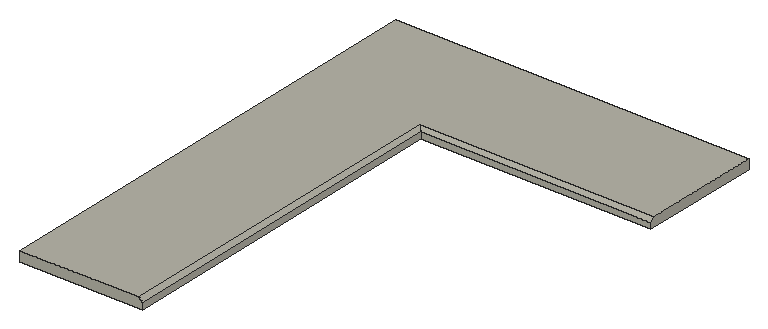
Revit family
Parameters (values of type "Counter_Only")
  Width = 6' - 0"
  Warranty Duration (Years) = 10
  Test Data = ""
  Surface Thickness = 0' - 2"
  Surface Area = (Width * Depth B) + (Length * Depth A) - (Depth A * Depth B)  # 24.8264 SF
  Sqft Cost = 85
  Specification = "http://www.arcat.com/divs/sec/sec06415.shtml"
  Sidesplash - R [instance] = no
  Sidesplash - L [instance] = no
  Sales Information = ""
  Product Properties = "http://www.arcat.com/bim/bim_info.pl?fn=Countertop_L-Shaped-noSink"
  Product Data = "http://www.arcat.com/divs/sec/sec06415.shtml"
  Model = "Generic"  # constant formula
  Manufacturer Website = "http://www.arcat.com/"
  Manufacturer Phone - Toll Free = ""
  Manufacturer Phone = "(203) 929-9444"  # constant formula
  Manufacturer Fax = "(203) 939-2444"  # constant formula
  Manufacturer Email = "bim@arcat.com"  # constant formula
  Manufacturer Address = "1077 Bridgeport Ave, Shelton, CT  06484"  # constant formula
  Manufacturer = "Generic"  # constant formula
  Maintenance Schedule (Months) = 12
  Length = 8' - 0"
  Keynote = "06415"
  Installation_Fabricaton = ""
  Installation Phase = ""
  Finish Surface Height [instance] = 3' - 0"
  Green Building-LEED = "http://www.arcat.com/green/green_building.shtml"
  Expected Lifespan (Years) = 30
  Edge Type = Bevel : 1/2"
  Edge Length = (Width - Depth A) + (Length - Depth B)  # 9' - 10"
  Edge Cost_per Inch = 2.5
  Drawn By = "Robert S. Weygant. CSI, CDT, SCIP"  # constant formula
  Description = "L Shaped Countertop"  # constant formula
  Depth B = 2' - 1"
  Depth A = 2' - 1"
  Countertop Material = Counter Material - Granite
  Countertop Color = Counter Finish - Custom Color
  Cost = (Sqft Cost * Surface Area / 1.00 SF) + (Edge Cost_per Inch * Edge Length / 0' 1")  # 2405.2431
  Copyright = "2008, ARCAT, Inc."  # constant formula
  Construction Details = "http://www.arcat.com/divs/sec/sec06415.shtml"
  Building Codes = ""
  Backsplash Height = 0' - 4"
  Backsplash = no
  Assembly Code = "C1030400"
Types (3): name | Sidesplash - R | Sidesplash - L | Edge Type | Backsplash
  Counter_Only | no | no | Bevel : 1/2" | no
  Counter_w_Back | no | no | Bevel : 1/2" | yes
  Counter_w_Back-Sides | yes | yes | Roundover : 3/4" | yes
Reference planes (in)
  plane 1 "Center (Front/Back)": y = 0
  plane 2: z = 0
  plane 3 "Center (Left/Right)": x = 0
  plane 4: x = -36
  plane 5: x = 36
  plane 6: y = -48
  plane 7: y = 48
  plane 8 "Surface Height": z = 36
  plane 9: y = 0
  plane 10: x = -36
  plane 11: z = 34
Forms (in)
  Extrusion 1, solid, material "Counter Finish - Custom Color" <- "Countertop Color"
    sketch origin (0, 0, 0) x (1, 0, 0) y (0, 1, 0)
      loop
        line (-36, -48) -> (-11, -48) -> (-11, 23) -> (36, 23) -> (36, 48) -> (-36, 48) -> (-36, -48)
    from 34 to 36
  Extrusion 2, solid, not visible
    sketch origin (-23.60937, 0, 29) x (1, 0, 0) y (0, 1, 0)
      loop
        arc (-6.25, 8) -> (-7.48744, 7.48744) -> (-8, 6.25) r 1.75
        line (-8, 6.25) -> (-8, -6.25)
        arc (-8, -6.25) -> (-7.48744, -7.48744) -> (-6.25, -8) r 1.75
        line (-6.25, -8) -> (6.25, -8)
        arc (6.25, -8) -> (7.48744, -7.48744) -> (8, -6.25) r 1.75
        line (8, -6.25) -> (8, 6.25)
        arc (8, 6.25) -> (7.48744, 7.48744) -> (6.25, 8) r 1.75
        line (6.25, 8) -> (-6.25, 8)
      loop
        arc (-6.25, 7.5) -> (-7.13388, 7.13388) -> (-7.5, 6.25) r 1.25
        line (-7.5, 6.25) -> (-7.5, -6.25)
        arc (-7.5, -6.25) -> (-7.13388, -7.13388) -> (-6.25, -7.5) r 1.25
        line (-6.25, -7.5) -> (6.25, -7.5)
        arc (6.25, -7.5) -> (7.13388, -7.13388) -> (7.5, -6.25) r 1.25
        line (7.5, -6.25) -> (7.5, 6.25)
        arc (7.5, 6.25) -> (7.13388, 7.13388) -> (6.25, 7.5) r 1.25
        line (6.25, 7.5) -> (-6.25, 7.5)
    from 0 to 7
  Extrusion 3, solid, not visible
    sketch origin (-23.60937, 0, 36) x (1, 0, 0) y (0, 1, 0)
      loop
        arc (-9.5, 10) -> (-9.85355, 9.85355) -> (-10, 9.5) r 0.5
        line (-10, 9.5) -> (-10, -9.5)
        arc (-10, -9.5) -> (-9.85355, -9.85355) -> (-9.5, -10) r 0.5
        line (-9.5, -10) -> (9.5, -10)
        arc (9.5, -10) -> (9.85355, -9.85355) -> (10, -9.5) r 0.5
        line (10, -9.5) -> (10, 9.5)
        arc (10, 9.5) -> (9.85355, 9.85355) -> (9.5, 10) r 0.5
        line (9.5, 10) -> (-9.5, 10)
      loop
        line (-7.5, 6.25) -> (-7.5, -6.25)
        arc (-7.5, -6.25) -> (-7.13388, -7.13388) -> (-6.25, -7.5) r 1.25
        line (-6.25, -7.5) -> (6.25, -7.5)
        arc (6.25, -7.5) -> (7.13388, -7.13388) -> (7.5, -6.25) r 1.25
        line (7.5, -6.25) -> (7.5, 6.25)
        arc (7.5, 6.25) -> (7.13388, 7.13388) -> (6.25, 7.5) r 1.25
        line (6.25, 7.5) -> (-6.25, 7.5)
        arc (-6.25, 7.5) -> (-7.13388, 7.13388) -> (-7.5, 6.25) r 1.25
    from 0 to 0.25
  Extrusion 4, solid, material "Counter Finish - Custom Color" <- "Countertop Color", visible <- "Backsplash"
    sketch origin (0, 0, 0) x (1, 0, 0) y (0, 0, 1)
      loop
        line (-36, 34) -> (-35.25, 34) -> (-35.25, 39.42212)
        arc (-35.25, 39.42212) -> (-35.41926, 39.83074) -> (-35.82788, 40) r 0.57788
        line (-35.82788, 40) -> (-36, 40) -> (-36, 34)
    from -48 to 48
  Extrusion 5, solid, material "Counter Finish - Custom Color" <- "Countertop Color", visible <- "Backsplash"
    sketch origin (12, 12, 0) x (0, -1, 0) y (0, 0, 1)
      loop
        line (-36, 36) -> (-35.25, 36) -> (-35.25, 39.42212)
        arc (-35.25, 39.42212) -> (-35.41926, 39.83074) -> (-35.82788, 40) r 0.57788
        line (-35.82788, 40) -> (-36, 40) -> (-36, 36)
    from -24 to 48
  Sweep 6, solid, material "Counter Finish - Custom Color" <- "Countertop Color", visible <- "Sidesplash - L"
    path in 3D
      loop
        line (-36, -48, 36) -> (-11, -48, 36)
    profile origin (-23.5, -48, 36) x (0, 1, 0) y (0, 0, 1)
      loop
        line (0, -2) -> (0.75, -2) -> (0.75, 3.42212)
        arc (0.75, 3.42212) -> (0.58074, 3.83074) -> (0.17212, 4) r 0.57788
        line (0.17212, 4) -> (0, 4) -> (0, -2)
  Sweep 7, solid, material "Counter Finish - Custom Color" <- "Countertop Color", visible <- "Sidesplash - R"
    path in 3D
      loop
        line (36, 23, 36) -> (36, 48, 36)
    profile origin (36, 35.5, 36) x (-1, 0, 0) y (0, 0, 1)
      loop
        line (0, -2) -> (0.75, -2) -> (0.75, 3.42212)
        arc (0.75, 3.42212) -> (0.58074, 3.83074) -> (0.17212, 4) r 0.57788
        line (0.17212, 4) -> (0, 4) -> (0, -2)
  Sweep 8, void
    path in 3D
      loop
        line (-11, -48, 36) -> (-11, 23, 36) -> (36, 23, 36)
    profile "Bevel : 3/4"" origin (-11, -12.5, 36) x (-1, 0, 0) y (0, 0, 1)
      loop
        line (0, -0.75) -> (0.75, 0) -> (0, 0) -> (0, -0.75)
Cuts and joins
  Sweep 8 cuts Extrusion 1
Lines and regions (in)
  sketch lines
    curve 1: line (-36, -48, 36) -> (-11, -48, 36)
    curve 2: line (36, 23, 36) -> (36, 48, 36)
    curve 3: line (-11, -48, 36) -> (-11, 23, 36)
    curve 4: line (-11, 23, 36) -> (36, 23, 36)
Dimensions and locks (in)
  "Width": plane 4 to plane 5
  "Length": plane 7 to plane 6
  equal spacing: plane 4, plane 3 "Center (Left/Right)", plane 5
  equal spacing: plane 7, plane 1 "Center (Front/Back)", plane 6
  "Depth A": plane 4 to Extrusion 1
  "Depth B": plane 7 to Extrusion 1
  "Backsplash Height": Extrusion 5 sketch curve to Extrusion 5 sketch curve
  "Finish Surface Height": plane 8 "Surface Height" to level
  "Surface Thickness": plane 8 "Surface Height" to plane 11
  "Backsplash Height": Extrusion 4 sketch curve to cut or joined group of Extrusion 1, Sweep 8
  "Backsplash Height": Sweep 6 sketch curve to cut or joined group of Extrusion 1, Sweep 8
  "Backsplash Height": Sweep 7 sketch curve to cut or joined group of Extrusion 1, Sweep 8
  aligned and locked: plane 4 to Extrusion 4
  aligned and locked: plane 7 to Extrusion 5
  aligned and locked: plane 5 to Extrusion 5
  aligned and locked: plane 4 to Extrusion 5
  aligned and locked: plane 7 to Extrusion 4
  aligned and locked: Extrusion 4 to plane 6
  aligned and locked: plane 8 "Surface Height" to Extrusion 1
  aligned and locked: plane 11 to cut or joined group of Extrusion 1, Sweep 8
  aligned and locked: Extrusion 4 sketch curve to cut or joined group of Extrusion 1, Sweep 8
  aligned and locked: Sweep 6 sketch curve to cut or joined group of Extrusion 1, Sweep 8
  aligned and locked: Sweep 7 sketch curve to cut or joined group of Extrusion 1, Sweep 8
Automatic sketch dimensions
  Extrusion 2 sketch curve to Extrusion 2 sketch curve = 0' - 0"  (x15)
  Extrusion 2 sketch curve to Extrusion 2 sketch curve = 0' - 0 1/2"
  Extrusion 2 sketch curve to Extrusion 2 sketch curve = 0' - 1 1/4"  (x3)
  Extrusion 2 sketch curve to Extrusion 2 sketch curve = 1' - 0 1/2"  (x3)
  Extrusion 3 sketch curve to Extrusion 3 sketch curve = 0' - 0 1/2"  (x3)
  Extrusion 3 sketch curve to Extrusion 3 sketch curve = 0' - 2"
  Extrusion 3 sketch curve to Extrusion 3 sketch curve = 0' - 1 1/4"  (x3)
  Extrusion 3 sketch curve to Extrusion 3 sketch curve = 1' - 0 1/2"  (x3)
  Extrusion 3 sketch curve to Extrusion 3 sketch curve = 0' - 3 1/4"  (x4)
  Extrusion 1 sketch curve to plane 4 = 0' - 0"
  Extrusion 1 sketch curve to plane 6 = 0' - 0"
  Extrusion 1 sketch curve to plane 5 = 0' - 0"
  Extrusion 1 sketch curve to plane 7 = 0' - 0"
  Extrusion 4 sketch curve to plane 4 = 0' - 0"
  Extrusion 4 sketch curve to Extrusion 4 sketch curve = 0' - 0.17212"
  Extrusion 4 sketch curve to Extrusion 4 sketch curve = 0' - 0.57788"
  Extrusion 5 sketch curve to plane 7 = 0' - 0"
  Extrusion 5 sketch curve to plane 8 "Surface Height" = 0' - 0"
  Extrusion 5 sketch curve to Extrusion 5 sketch curve = 0' - 0.17212"
  Extrusion 5 sketch curve to Extrusion 5 sketch curve = 0' - 0.57788"
  Sweep 6 sketch curve to profile plane = 0' - 0"
  Sweep 6 sketch curve to profile plane = 0' - 0.17212"
  Sweep 6 sketch curve to Sweep 6 sketch curve = 0' - 0.57788"
  Sweep 7 sketch curve to Sweep 7 sketch curve = 0' - 0.57788"
  profile plane to Sweep 7 sketch curve = 0' - 0"
  Sweep 7 sketch curve to Sweep 7 sketch curve = 0' - 0.17212"
  Extrusion 1 sketch curve to plane 3 "Center (Left/Right)" = 0' - 11"
  Extrusion 1 sketch curve to plane 1 "Center (Front/Back)" = 1' - 11"
